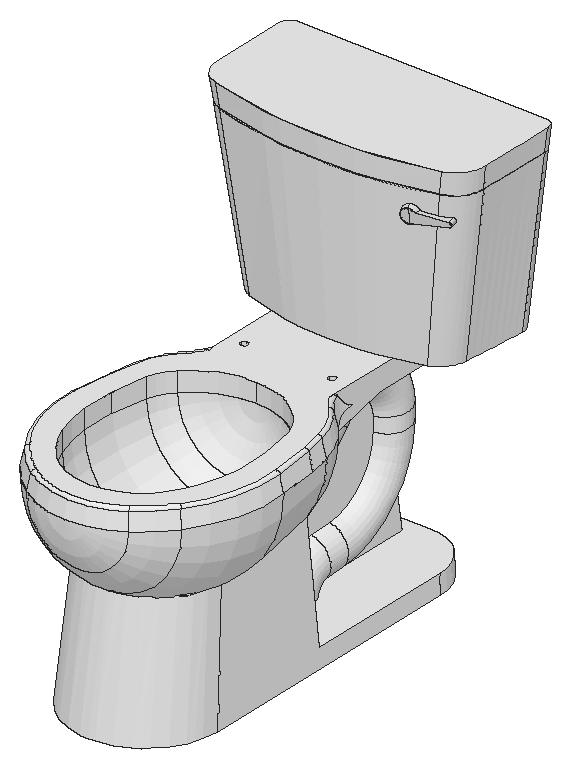
Revit family "Plumbing-Pressure-Assist-Water-Closet-Sloan-Valve-WETS-80098113_", category Plumbing Fixtures, host Face, Revit 2019
Family settings
  Host = Face
  Round Connector Dimension = Use Diameter
  Part Type = Normal
  OmniClass Number = 23.45.05.21.11.11
  OmniClass Title = Water Operated Water Closets
  Cut with Voids When Loaded = No
  Shared = No
  Room Calculation Point = No
Parameters (values of type "WETS-8009.8113")
  Width = 18 1/4"  # constant formula
  Water Closet Code = "2108009"
  Valve Pressure Drop = 0.00 psi
  Tank Code = "2108113"
  Sanitary Drain Connector Description = "Sanitary Drain Connector d2 1/8\""
  Sanitary Drain Connection Diameter = 2 1/8"  # constant formula
  Real Distance to Wall [instance] = if(Distance to Wall < 3/4", 3/4", Distance to Wall)  # 3/4"
  Waste Connection = yes
  WFU = 10
  Vent Connection = yes
  URL = "www.sloanvalve.com"
  Product data url = "https://bimobject.com/sloan_valve/product/pressure-assist-water-closets_sloan_wets-80098113"
  Product Material = Sloan Valve - Vitreous China - White
  Product Guid = ""
  Part Number = "WETS-8009.8113"
  Model = "WETS-8009.8113"
  Minimum Static Pressure = "20 PSI (138 kPa)"  # constant formula
  Maximum Static Pressure = "80 PSI (552 kPa)"  # constant formula
  Manufacturer = "Sloan Valve"  # constant formula
  Keynote = "15410"
  Height = 28 1/4"  # constant formula
  HWFU = 0
  HW Connection = yes
  Flush Rate = "1.6 gpf (6.0 Lpf)"
  Depth = 30 3/8"  # constant formula
  Cold Water Connector Description = "Cold Water Connector d1/2\""
  Cold Water Connection Diameter = 1/2"  # constant formula
  Edition number = 1
  Distance to Wall [instance] = 3/4"
  Description = "Floor-Mounted 1.6 gpf (6.0 Lpf) 12\" Rough-in Pressure-Assisted/Tank Toilet."
  Default Elevation = 0"
  CWFU = 10
  CW Connection = yes
  Assembly Code = "D2010"
  ADA Compliant [instance] = 1 = 2  # no
Reference planes
  plane 1 "Center (Front/Back)": y = 0
  plane 2: z = 0
  plane 3 "Center (Left/Right)": x = 0
  plane 4: x = -201.612
  plane 5: x = 201.613
  plane 6: y = -762.786
  plane 7: y = -19.05
  plane 8: x = -201.612
  plane 9: x = 201.613
  plane 10: y = -756.436
  plane 11: y = -12.7
Forms (mm)
  Blend 1, solid, material "Sloan Valve - Vitreous China - White" <- "Product Material"
    base sketch origin (0, 0, 0) x (1, 0, 0) y (0, 1, 0)
      loop
        arc (-34.925, -45.045) -> (-97.787, -71.084) -> (-123.825, -133.945) r 88.9
        line (-123.825, -133.945) -> (-123.825, -615.95)
        arc (-123.825, -615.95) -> (0, -739.775) -> (123.825, -615.95) r 123.825
        line (123.825, -615.95) -> (123.825, -133.945)
        arc (123.825, -133.945) -> (97.787, -71.084) -> (34.925, -45.045) r 88.9
        line (34.925, -45.045) -> (-34.925, -45.045)
    top sketch origin (0, 0, 0) x (1, 0, 0) y (0, 1, 0)
      loop
        arc (-109.537, -584.301) -> (0, -693.838) -> (109.537, -584.301) r 109.537
        line (109.537, -584.301) -> (109.537, -133.945)
        arc (109.537, -133.945) -> (83.499, -71.084) -> (20.637, -45.045) r 88.9
        line (20.637, -45.045) -> (-20.637, -45.045)
        arc (-20.637, -45.045) -> (-83.499, -71.084) -> (-109.537, -133.945) r 88.9
        line (-109.537, -133.945) -> (-109.537, -584.301)
    from 0 to 312.058
  Extrusion 2, solid, material "Sloan Valve - Vitreous China - White" <- "Product Material"
    sketch origin (0, 0, -25.4) x (0, 1, 0) y (0, 0, 1)
      loop
        line (-369.05, 348.14) -> (-241.882, 379.846) -> (-70.211, 379.846) -> (-64.931, 440.2) -> (-185.947, 440.2)
        arc (-185.947, 440.2) -> (-192.127, 425.28) -> (-207.047, 419.1) r 21.1
        line (-207.047, 419.1) -> (-369.05, 419.1) -> (-369.05, 348.14)
    from -104.047 to 104.047
  Sweep 3, solid, material "Sloan Valve - Vitreous China - White" <- "Product Material"
    path origin (0, 0, 0) x (0, 1, 0) y (0, 0, 1)
      loop
        line (-304.8, 0) -> (-304.8, 30.289)
        arc (-304.8, 30.289) -> (-293.174, 59.429) -> (-264.682, 72.564) r 42.333
        line (-264.682, 72.564) -> (-226.487, 74.566)
        arc (-226.487, 74.566) -> (-134.627, 116.914) -> (-97.145, 210.864) r 136.485
        line (-97.145, 210.864) -> (-97.145, 236.948)
        arc (-97.145, 236.948) -> (-144.28, 307.387) -> (-227.373, 290.682) r 76.2
        arc (-227.373, 290.682) -> (-233.15, 284.615) -> (-238.657, 278.301) r 192.236
        arc (-238.657, 278.301) -> (-334.604, 206.706) -> (-452.54, 186.145) r 257.901
    profile origin (0, -304.8, 15.145) x (0, -1, 0) y (1, 0, 0)
      loop
        circle (0, 0) r 38.1
  Extrusion 4, solid, material "Sloan Valve - Vitreous China - White" <- "Product Material"
    sketch origin (22.443, 0, 0) x (0, 1, 0) y (0, 0, 1)
      loop
        line (-68.2, 389.4) -> (-235.377, 389.4) -> (-261.569, 382.87) -> (-496.95, 175.082) -> (-484.132, 28.575) -> (-70.397, 28.575)
        arc (-70.397, 28.575) -> (-82.455, 126.803) -> (-68.088, 224.72) r 370.607
        arc (-68.088, 224.72) -> (-59.936, 265.377) -> (-58.507, 306.818) r 254
        arc (-58.507, 306.818) -> (-61.916, 348.278) -> (-68.2, 389.4) r 598.021
    from -28.793 to -16.093
  Extrusion 5, solid, not visible
    sketch origin (0, 0, 0) x (1, 0, 0) y (0, 0, 1)
      loop
        circle (-152.4, 254) r 6.35
    from 0 to 0.794
  Blend 6, solid, material "Sloan Valve - Vitreous China - White" <- "Product Material"
    base sketch origin (0, 0.822, 430.81) x (1, 0, 0) y (0, 1, 0)
      loop
        line (-196.16, -48.519) -> (-186.739, -156.202)
        arc (-186.739, -156.202) -> (-176.518, -182.59) -> (-153.766, -199.416) r 50.8
        arc (-153.766, -199.416) -> (0, -226.96) -> (153.766, -199.416) r 442.975
        arc (153.766, -199.416) -> (176.518, -182.59) -> (186.739, -156.202) r 50.8
        line (186.739, -156.202) -> (196.16, -48.519)
        arc (196.16, -48.519) -> (191.227, -33.989) -> (177.182, -27.809) r 19.05
        line (177.182, -27.809) -> (-177.182, -27.809)
        arc (-177.182, -27.809) -> (-191.227, -33.989) -> (-196.16, -48.519) r 19.05
    top sketch origin (0, 0.822, 430.81) x (1, 0, 0) y (0, 1, 0)
      loop
        arc (-212.725, -19.872) -> (-226.195, -25.451) -> (-231.775, -38.922) r 19.05
        line (-231.775, -38.922) -> (-231.775, -172.47)
        arc (-231.775, -172.47) -> (-221.507, -203.094) -> (-194.854, -221.338) r 50.8
        arc (-194.854, -221.338) -> (0, -248.472) -> (194.854, -221.338) r 713.209
        arc (194.854, -221.338) -> (221.507, -203.094) -> (231.775, -172.47) r 50.8
        line (231.775, -172.47) -> (231.775, -38.922)
        arc (231.775, -38.922) -> (226.195, -25.451) -> (212.725, -19.872) r 19.05
        line (212.725, -19.872) -> (-212.725, -19.872)
    from -37.11 to 286.74
  Revolve 7, solid, material "Sloan Valve - Vitreous China - White" <- "Product Material"
    sketch origin (0, -107.509, 360.363) x (1, 0, 0) y (0, 1, 0)
      loop
        line (0, -683.066) -> (0, -633.619)
        arc (0, -633.619) -> (-54.455, -620.155) -> (-96.361, -582.866) r 116.854
        arc (-96.361, -582.866) -> (-108.844, -562.27) -> (-118.928, -540.399) r 213.603
        arc (-118.928, -540.399) -> (-129.044, -507.813) -> (-134.203, -474.085) r 228.843
        arc (-134.203, -474.085) -> (-133.643, -413.542) -> (-122.68, -353.997) r 350.763
        arc (-122.68, -353.997) -> (-114.097, -332.991) -> (-100.788, -314.61) r 95.25
        arc (-100.788, -314.61) -> (-55.004, -282.028) -> (0, -270.524) r 137.251
        line (0, -270.524) -> (0, -209.239)
        arc (0, -209.239) -> (-18.194, -209.694) -> (-36.342, -211.057) r 364.157
        arc (-36.342, -211.057) -> (-122.715, -249.087) -> (-170.133, -330.684) r 152.4
        arc (-170.133, -330.684) -> (-180.229, -386.679) -> (-186.583, -443.221) r 855.912
        arc (-186.583, -443.221) -> (-178.018, -528.288) -> (-140.189, -604.962) r 240.102
        arc (-140.189, -604.962) -> (-116.352, -632.223) -> (-88.426, -655.277) r 223.457
        arc (-88.426, -655.277) -> (-46.345, -675.956) -> (0, -683.066) r 154.581
      axis (0, -209.239) -> (0, -683.066)
    angle from 0 to 180
  Extrusion 8, solid, material "Vitreous China-Sloan-White"
    sketch origin (0, -122.297, -1.685) x (1, 0, 0) y (0, 0, 1)
      loop
        arc (57.698, 221.011) -> (0.981, 212.195) -> (-56.307, 215.748) r 266.082
        line (-56.307, 215.748) -> (-39.243, 151.174)
        arc (-39.243, 151.174) -> (0, 120.954) -> (39.243, 151.174) r 40.59
        line (39.243, 151.174) -> (57.698, 221.011)
    from 346.299 to 429.496
  Blend 9, solid, material "Sloan Valve - Vitreous China - White" <- "Product Material"
    base sketch origin (0, -108.545, 375.1) x (1, 0, 0) y (0, 0, 1)
      loop
        line (25.325, -14.42) -> (-25.325, -14.42) -> (-25.325, -20.654)
        arc (-25.325, -20.654) -> (0, -45.979) -> (25.325, -20.654) r 25.325
        line (25.325, -20.654) -> (25.325, -14.42)
    top sketch origin (0, -108.545, 375.1) x (1, 0, 0) y (0, 0, 1)
      loop
        line (46.038, -14.42) -> (-46.037, -14.42) -> (-46.037, -23.887)
        arc (-46.037, -23.887) -> (0, -69.925) -> (46.038, -23.887) r 46.037
        line (46.038, -23.887) -> (46.038, -14.42)
    from 129.035 to 108.105
  Blend 10, solid, material "Sloan Valve - Vitreous China - White" <- "Product Material"
    base sketch origin (0, -108.545, 375.1) x (1, 0, 0) y (0, 0, 1)
      loop
        line (46.038, -14.42) -> (-46.037, -14.42) -> (-46.037, -23.887)
        arc (-46.037, -23.887) -> (0, -69.925) -> (46.038, -23.887) r 46.037
        line (46.038, -23.887) -> (46.038, -14.42)
    top sketch origin (0, -108.545, 375.1) x (1, 0, 0) y (0, 0, 1)
      loop
        line (46.038, -14.42) -> (-46.037, -14.42) -> (-46.037, -43.731)
        arc (-46.037, -43.731) -> (0, -89.769) -> (46.038, -43.731) r 46.038
        line (46.038, -43.731) -> (46.038, -14.42)
    from 108.105 to 38.1
  Sweep 11, solid, material "Sloan Valve - Vitreous China - White" <- "Product Material"
    path origin (0, -122.297, 0) x (0, 1, 0) y (0, 0, 1)
      loop
        arc (-352.549, 201.173) -> (-327.484, 201.16) -> (-302.744, 205.182) r 155.194
        arc (-302.744, 205.182) -> (-278.132, 217.142) -> (-260.549, 238.11) r 65.532
        arc (-260.549, 238.11) -> (-246.125, 268.805) -> (-234.718, 300.744) r 352.298
        arc (-234.718, 300.744) -> (-234.446, 301.431) -> (-234.066, 302.064) r 4.499
        arc (-234.066, 302.064) -> (-210.936, 321.963) -> (-181.277, 329.121) r 65.024
        line (-181.277, 329.121) -> (-115.283, 329.121)
    profile origin (0, -270.577, 329.121) x (0, 0, 1) y (1, 0, 0)
      loop
        line (25.325, -25.325) -> (25.325, 25.325)
        arc (25.325, 25.325) -> (0, 0) -> (25.325, -25.325) r 25.325
  Sweep 12, solid, material "Sloan Valve - Vitreous China - White" <- "Product Material"
    path origin (0, 0, 0) x (1, 0, 0) y (0, 1, 0)
      loop
        line (-104.047, -185.947) -> (-104.047, -295.646)
        arc (-104.047, -295.646) -> (-111.251, -333.222) -> (-131.841, -365.47) r 101.6
        arc (-131.841, -365.47) -> (-155.982, -399.201) -> (-170.133, -438.192) r 152.4
        arc (-170.133, -438.192) -> (-174.125, -457.895) -> (-177.652, -477.686) r 855.912
        arc (-177.652, -477.686) -> (-182.903, -514.112) -> (-186.583, -550.729) r 855.912
        arc (-186.583, -550.729) -> (-178.018, -635.797) -> (-140.189, -712.47) r 240.102
        arc (-140.189, -712.47) -> (-116.352, -739.732) -> (-88.426, -762.786) r 223.457
        arc (-88.426, -762.786) -> (0, -790.575) -> (88.426, -762.786) r 154.581
        arc (88.426, -762.786) -> (116.352, -739.732) -> (140.189, -712.47) r 223.457
        arc (140.189, -712.47) -> (178.018, -635.797) -> (186.583, -550.729) r 240.102
        arc (186.583, -550.729) -> (182.903, -514.112) -> (177.652, -477.686) r 855.912
        arc (177.652, -477.686) -> (174.125, -457.895) -> (170.133, -438.192) r 855.912
        arc (170.133, -438.192) -> (155.982, -399.201) -> (131.841, -365.47) r 152.4
        arc (131.841, -365.47) -> (111.251, -333.222) -> (104.047, -295.646) r 101.6
        line (104.047, -295.646) -> (104.047, -185.947)
    profile origin (0, -790.575, 0) x (0, 1, 0) y (0, 0, 1)
      loop
        line (0, 360.362) -> (18.191, 360.362) -> (18.191, 393.7) -> (12.748, 393.7)
        arc (12.748, 393.7) -> (8.795, 392.32) -> (6.56, 388.778) r 6.35
        line (6.56, 388.778) -> (0, 360.362)
  Extrusion 13, void
    sketch origin (0, 0, 0) x (1, 0, 0) y (0, 1, 0)
      loop
        arc (118.928, -647.907) -> (129.044, -615.321) -> (134.203, -581.593) r 228.843
        arc (134.203, -581.593) -> (135.243, -552.98) -> (133.946, -524.377) r 350.763
        arc (133.946, -524.377) -> (129.747, -492.684) -> (122.68, -461.506) r 350.763
        arc (122.68, -461.506) -> (114.097, -440.499) -> (100.788, -422.119) r 95.25
        arc (100.788, -422.119) -> (55.004, -389.536) -> (0, -378.032) r 137.251
        arc (0, -378.032) -> (-55.004, -389.536) -> (-100.788, -422.119) r 137.251
        arc (-100.788, -422.119) -> (-114.097, -440.499) -> (-122.68, -461.506) r 95.25
        arc (-122.68, -461.506) -> (-129.747, -492.684) -> (-133.946, -524.377) r 350.763
        arc (-133.946, -524.377) -> (-135.243, -552.98) -> (-134.203, -581.593) r 350.763
        arc (-134.203, -581.593) -> (-129.044, -615.321) -> (-118.928, -647.907) r 228.843
        arc (-118.928, -647.907) -> (-108.844, -669.778) -> (-96.361, -690.375) r 213.603
        arc (-96.361, -690.375) -> (-54.455, -727.664) -> (0, -741.127) r 116.854
        arc (0, -741.127) -> (54.455, -727.664) -> (96.361, -690.375) r 116.854
        arc (96.361, -690.375) -> (108.844, -669.778) -> (118.928, -647.907) r 213.603
    from 360.362 to 393.7
  Extrusion 14, solid, material "Sloan Valve - Vitreous China - White" <- "Product Material"
    sketch origin (0, 0, 0) x (1, 0, 0) y (0, 1, 0)
      loop
        arc (-168.448, -552.159) -> (-160.532, -630.781) -> (-125.569, -701.646) r 221.912
        arc (-125.569, -701.646) -> (-103.673, -726.688) -> (-78.02, -747.865) r 205.266
        arc (-78.02, -747.865) -> (0, -772.384) -> (78.02, -747.865) r 136.39
        arc (78.02, -747.865) -> (103.673, -726.688) -> (125.569, -701.646) r 205.266
        arc (125.569, -701.646) -> (160.532, -630.781) -> (168.448, -552.159) r 221.912
        arc (168.448, -552.159) -> (164.847, -516.319) -> (159.708, -480.668) r 837.721
        arc (159.708, -480.668) -> (156.255, -461.297) -> (152.348, -442.013) r 837.721
        arc (152.348, -442.013) -> (139.886, -407.676) -> (118.627, -377.971) r 134.209
        arc (118.627, -377.971) -> (110.867, -368.903) -> (104.047, -359.107) r 119.791
        line (104.047, -359.107) -> (104.047, -369.05) -> (-104.047, -369.05) -> (-104.047, -359.107)
        arc (-104.047, -359.107) -> (-110.867, -368.903) -> (-118.627, -377.971) r 119.791
        arc (-118.627, -377.971) -> (-139.886, -407.676) -> (-152.348, -442.013) r 134.209
        arc (-152.348, -442.013) -> (-156.255, -461.297) -> (-159.708, -480.668) r 837.721
        arc (-159.708, -480.668) -> (-164.847, -516.319) -> (-168.448, -552.159) r 837.721
    from 360.362 to 393.7
  Extrusion 15, void
    sketch origin (0, 0, 0) x (0, 1, 0) y (0, 0, 1)
      loop
        line (-419.1, 368.114) -> (-395.566, 31.564) -> (-10.202, 31.564) -> (-10.202, 368.114) -> (-419.1, 368.114)
    from -219.74 to 304.8
  Revolve 16, void
    sketch origin (0, -107.509, 360.363) x (1, 0, 0) y (0, 1, 0)
      loop
        line (0, -639.969) -> (0, -264.174)
        arc (0, -264.174) -> (-57.549, -276.21) -> (-105.451, -310.3) r 143.601
        arc (-105.451, -310.3) -> (-119.647, -329.906) -> (-128.802, -352.313) r 101.6
        arc (-128.802, -352.313) -> (-139.964, -412.935) -> (-140.534, -474.574) r 357.113
        arc (-140.534, -474.574) -> (-135.232, -509.238) -> (-124.835, -542.728) r 235.193
        arc (-124.835, -542.728) -> (-114.451, -565.249) -> (-101.598, -586.458) r 219.953
        arc (-101.598, -586.458) -> (-57.414, -625.773) -> (0, -639.969) r 123.204
      axis (0, -264.174) -> (0, -639.969)
    angle from 0 to 180
  Extrusion 17, void
    sketch origin (0, 0, 0) x (1, 0, 0) y (0, 1, 0)
      loop
        arc (-212.725, -19.05) -> (-226.195, -24.63) -> (-231.775, -38.1) r 19.05
        line (-231.775, -38.1) -> (-231.775, -171.649)
        arc (-231.775, -171.649) -> (-221.507, -202.272) -> (-194.854, -220.516) r 50.8
        arc (-194.854, -220.516) -> (0, -247.65) -> (194.854, -220.516) r 713.209
        arc (194.854, -220.516) -> (221.507, -202.272) -> (231.775, -171.649) r 50.8
        line (231.775, -171.649) -> (231.775, -38.1)
        arc (231.775, -38.1) -> (226.195, -24.63) -> (212.725, -19.05) r 19.05
        line (212.725, -19.05) -> (-212.725, -19.05)
      loop
        line (-225.425, -38.1) -> (-225.425, -171.649)
        arc (-225.425, -171.649) -> (-216.441, -198.444) -> (-193.119, -214.408) r 44.45
        arc (-193.119, -214.408) -> (0, -241.3) -> (193.119, -214.408) r 706.859
        arc (193.119, -214.408) -> (216.441, -198.444) -> (225.425, -171.649) r 44.45
        line (225.425, -171.649) -> (225.425, -38.1)
        arc (225.425, -38.1) -> (221.705, -29.12) -> (212.725, -25.4) r 12.7
        line (212.725, -25.4) -> (-212.725, -25.4)
        arc (-212.725, -25.4) -> (-221.705, -29.12) -> (-225.425, -38.1) r 12.7
    from 678.093 to 679.681
  Extrusion 18, void
    sketch origin (0, 0, 0) x (1, 0, 0) y (0, 1, 0)
      loop
        circle (-76.2, -307.975) r 6.35
      loop
        circle (76.2, -307.975) r 6.35
    from 341.312 to 499.954
  Blend 19, solid, material "Sloan Valve - Vitreous China - White" <- "Product Material", not visible
    base sketch origin (0, 6.35, 0) x (1, 0, 0) y (0, 1, 0)
      loop
        arc (-34.925, -45.045) -> (-97.787, -71.084) -> (-123.825, -133.945) r 88.9
        line (-123.825, -133.945) -> (-123.825, -615.95)
        arc (-123.825, -615.95) -> (0, -739.775) -> (123.825, -615.95) r 123.825
        line (123.825, -615.95) -> (123.825, -133.945)
        arc (123.825, -133.945) -> (97.787, -71.084) -> (34.925, -45.045) r 88.9
        line (34.925, -45.045) -> (-34.925, -45.045)
    top sketch origin (0, 6.35, 0) x (1, 0, 0) y (0, 1, 0)
      loop
        arc (-109.537, -584.301) -> (0, -693.838) -> (109.537, -584.301) r 109.537
        line (109.537, -584.301) -> (109.537, -133.945)
        arc (109.537, -133.945) -> (83.499, -71.084) -> (20.637, -45.045) r 88.9
        line (20.637, -45.045) -> (-20.637, -45.045)
        arc (-20.637, -45.045) -> (-83.499, -71.084) -> (-109.537, -133.945) r 88.9
        line (-109.537, -133.945) -> (-109.537, -584.301)
    from 0 to 312.058
  Extrusion 20, solid, material "Sloan Valve - Vitreous China - White" <- "Product Material", not visible
    sketch origin (0, 6.35, -25.4) x (0, 1, 0) y (0, 0, 1)
      loop
        line (-369.05, 348.14) -> (-241.882, 379.846) -> (-70.211, 379.846) -> (-64.931, 440.2) -> (-185.947, 440.2)
        arc (-185.947, 440.2) -> (-192.127, 425.28) -> (-207.047, 419.1) r 21.1
        line (-207.047, 419.1) -> (-369.05, 419.1) -> (-369.05, 348.14)
    from -104.047 to 104.047
  Sweep 21, solid, material "Sloan Valve - Vitreous China - White" <- "Product Material", not visible
    path origin (0, 6.35, 0) x (0, 1, 0) y (0, 0, 1)
      loop
        line (-304.8, 0) -> (-304.8, 30.289)
        arc (-304.8, 30.289) -> (-293.174, 59.429) -> (-264.682, 72.564) r 42.333
        line (-264.682, 72.564) -> (-226.487, 74.566)
        arc (-226.487, 74.566) -> (-134.627, 116.914) -> (-97.145, 210.864) r 136.485
        line (-97.145, 210.864) -> (-97.145, 236.948)
        arc (-97.145, 236.948) -> (-144.28, 307.387) -> (-227.373, 290.682) r 76.2
        arc (-227.373, 290.682) -> (-233.15, 284.615) -> (-238.657, 278.301) r 192.236
        arc (-238.657, 278.301) -> (-334.604, 206.706) -> (-452.54, 186.145) r 257.901
    profile origin (0, -298.45, 15.145) x (0, -1, 0) y (1, 0, 0)
      loop
        circle (0, 0) r 38.1
  Extrusion 22, solid, material "Sloan Valve - Vitreous China - White" <- "Product Material", not visible
    sketch origin (22.443, 6.35, 0) x (0, 1, 0) y (0, 0, 1)
      loop
        line (-68.2, 389.4) -> (-235.377, 389.4) -> (-261.569, 382.87) -> (-496.95, 175.082) -> (-484.132, 28.575) -> (-70.397, 28.575)
        arc (-70.397, 28.575) -> (-82.455, 126.803) -> (-68.088, 224.72) r 370.607
        arc (-68.088, 224.72) -> (-59.936, 265.377) -> (-58.507, 306.818) r 254
        arc (-58.507, 306.818) -> (-61.916, 348.278) -> (-68.2, 389.4) r 598.021
    from -28.793 to -16.093
  Blend 23, solid, material "Sloan Valve - Vitreous China - White" <- "Product Material", not visible
    base sketch origin (0, 7.172, 430.81) x (1, 0, 0) y (0, 1, 0)
      loop
        line (-196.16, -48.519) -> (-186.739, -156.202)
        arc (-186.739, -156.202) -> (-176.518, -182.59) -> (-153.766, -199.416) r 50.8
        arc (-153.766, -199.416) -> (0, -226.96) -> (153.766, -199.416) r 442.975
        arc (153.766, -199.416) -> (176.518, -182.59) -> (186.739, -156.202) r 50.8
        line (186.739, -156.202) -> (196.16, -48.519)
        arc (196.16, -48.519) -> (191.227, -33.989) -> (177.182, -27.809) r 19.05
        line (177.182, -27.809) -> (-177.182, -27.809)
        arc (-177.182, -27.809) -> (-191.227, -33.989) -> (-196.16, -48.519) r 19.05
    top sketch origin (0, 7.172, 430.81) x (1, 0, 0) y (0, 1, 0)
      loop
        arc (-212.725, -19.872) -> (-226.195, -25.451) -> (-231.775, -38.922) r 19.05
        line (-231.775, -38.922) -> (-231.775, -172.47)
        arc (-231.775, -172.47) -> (-221.507, -203.094) -> (-194.854, -221.338) r 50.8
        arc (-194.854, -221.338) -> (0, -248.472) -> (194.854, -221.338) r 713.209
        arc (194.854, -221.338) -> (221.507, -203.094) -> (231.775, -172.47) r 50.8
        line (231.775, -172.47) -> (231.775, -38.922)
        arc (231.775, -38.922) -> (226.195, -25.451) -> (212.725, -19.872) r 19.05
        line (212.725, -19.872) -> (-212.725, -19.872)
    from -37.11 to 286.74
  Revolve 24, solid, material "Sloan Valve - Vitreous China - White" <- "Product Material", not visible
    sketch origin (0, -101.159, 360.363) x (1, 0, 0) y (0, 1, 0)
      loop
        line (0, -683.066) -> (0, -633.619)
        arc (0, -633.619) -> (-54.455, -620.155) -> (-96.361, -582.866) r 116.854
        arc (-96.361, -582.866) -> (-108.844, -562.27) -> (-118.928, -540.399) r 213.603
        arc (-118.928, -540.399) -> (-129.044, -507.813) -> (-134.203, -474.085) r 228.843
        arc (-134.203, -474.085) -> (-133.643, -413.542) -> (-122.68, -353.997) r 350.763
        arc (-122.68, -353.997) -> (-114.097, -332.991) -> (-100.788, -314.61) r 95.25
        arc (-100.788, -314.61) -> (-55.004, -282.028) -> (0, -270.524) r 137.251
        line (0, -270.524) -> (0, -209.239)
        arc (0, -209.239) -> (-18.194, -209.694) -> (-36.342, -211.057) r 364.157
        arc (-36.342, -211.057) -> (-122.715, -249.087) -> (-170.133, -330.684) r 152.4
        arc (-170.133, -330.684) -> (-180.229, -386.679) -> (-186.583, -443.221) r 855.912
        arc (-186.583, -443.221) -> (-178.018, -528.288) -> (-140.189, -604.962) r 240.102
        arc (-140.189, -604.962) -> (-116.352, -632.223) -> (-88.426, -655.277) r 223.457
        arc (-88.426, -655.277) -> (-46.345, -675.956) -> (0, -683.066) r 154.581
      axis (0, -209.239) -> (0, -683.066)
    angle from 0 to 180
  Extrusion 25, solid, material "Vitreous China-Sloan-White", not visible
    sketch origin (0, -115.947, -1.685) x (1, 0, 0) y (0, 0, 1)
      loop
        arc (57.698, 221.011) -> (0.981, 212.195) -> (-56.307, 215.748) r 266.082
        line (-56.307, 215.748) -> (-39.243, 151.174)
        arc (-39.243, 151.174) -> (0, 120.954) -> (39.243, 151.174) r 40.59
        line (39.243, 151.174) -> (57.698, 221.011)
    from 346.299 to 429.496
  Blend 26, solid, material "Sloan Valve - Vitreous China - White" <- "Product Material", not visible
    base sketch origin (0, -102.195, 375.1) x (1, 0, 0) y (0, 0, 1)
      loop
        line (25.325, -14.42) -> (-25.325, -14.42) -> (-25.325, -20.654)
        arc (-25.325, -20.654) -> (0, -45.979) -> (25.325, -20.654) r 25.325
        line (25.325, -20.654) -> (25.325, -14.42)
    top sketch origin (0, -102.195, 375.1) x (1, 0, 0) y (0, 0, 1)
      loop
        line (46.038, -14.42) -> (-46.037, -14.42) -> (-46.037, -23.887)
        arc (-46.037, -23.887) -> (0, -69.925) -> (46.038, -23.887) r 46.037
        line (46.038, -23.887) -> (46.038, -14.42)
    from 129.035 to 108.105
  Blend 27, solid, material "Sloan Valve - Vitreous China - White" <- "Product Material", not visible
    base sketch origin (0, -102.195, 375.1) x (1, 0, 0) y (0, 0, 1)
      loop
        line (46.038, -14.42) -> (-46.037, -14.42) -> (-46.037, -23.887)
        arc (-46.037, -23.887) -> (0, -69.925) -> (46.038, -23.887) r 46.037
        line (46.038, -23.887) -> (46.038, -14.42)
    top sketch origin (0, -102.195, 375.1) x (1, 0, 0) y (0, 0, 1)
      loop
        line (46.038, -14.42) -> (-46.037, -14.42) -> (-46.037, -43.731)
        arc (-46.037, -43.731) -> (0, -89.769) -> (46.038, -43.731) r 46.038
        line (46.038, -43.731) -> (46.038, -14.42)
    from 108.105 to 38.1
  Sweep 28, solid, material "Sloan Valve - Vitreous China - White" <- "Product Material", not visible
    path origin (0, -115.947, 0) x (0, 1, 0) y (0, 0, 1)
      loop
        arc (-352.549, 201.173) -> (-327.484, 201.16) -> (-302.744, 205.182) r 155.194
        arc (-302.744, 205.182) -> (-278.132, 217.142) -> (-260.549, 238.11) r 65.532
        arc (-260.549, 238.11) -> (-246.125, 268.805) -> (-234.718, 300.744) r 352.298
        arc (-234.718, 300.744) -> (-234.446, 301.431) -> (-234.066, 302.064) r 4.499
        arc (-234.066, 302.064) -> (-210.936, 321.963) -> (-181.277, 329.121) r 65.024
        line (-181.277, 329.121) -> (-115.283, 329.121)
    profile origin (0, -264.227, 329.121) x (0, 0, 1) y (1, 0, 0)
      loop
        line (25.325, -25.325) -> (25.325, 25.325)
        arc (25.325, 25.325) -> (0, 0) -> (25.325, -25.325) r 25.325
  Sweep 29, solid, material "Sloan Valve - Vitreous China - White" <- "Product Material", not visible
    path origin (0, 6.35, 0) x (1, 0, 0) y (0, 1, 0)
      loop
        line (-104.047, -185.947) -> (-104.047, -295.646)
        arc (-104.047, -295.646) -> (-111.251, -333.222) -> (-131.841, -365.47) r 101.6
        arc (-131.841, -365.47) -> (-155.982, -399.201) -> (-170.133, -438.192) r 152.4
        arc (-170.133, -438.192) -> (-174.125, -457.895) -> (-177.652, -477.686) r 855.912
        arc (-177.652, -477.686) -> (-182.903, -514.112) -> (-186.583, -550.729) r 855.912
        arc (-186.583, -550.729) -> (-178.018, -635.797) -> (-140.189, -712.47) r 240.102
        arc (-140.189, -712.47) -> (-116.352, -739.732) -> (-88.426, -762.786) r 223.457
        arc (-88.426, -762.786) -> (0, -790.575) -> (88.426, -762.786) r 154.581
        arc (88.426, -762.786) -> (116.352, -739.732) -> (140.189, -712.47) r 223.457
        arc (140.189, -712.47) -> (178.018, -635.797) -> (186.583, -550.729) r 240.102
        arc (186.583, -550.729) -> (182.903, -514.112) -> (177.652, -477.686) r 855.912
        arc (177.652, -477.686) -> (174.125, -457.895) -> (170.133, -438.192) r 855.912
        arc (170.133, -438.192) -> (155.982, -399.201) -> (131.841, -365.47) r 152.4
        arc (131.841, -365.47) -> (111.251, -333.222) -> (104.047, -295.646) r 101.6
        line (104.047, -295.646) -> (104.047, -185.947)
    profile origin (0, -784.225, 0) x (0, 1, 0) y (0, 0, 1)
      loop
        line (0, 360.362) -> (18.191, 360.362) -> (18.191, 393.7) -> (12.748, 393.7)
        arc (12.748, 393.7) -> (8.795, 392.32) -> (6.56, 388.778) r 6.35
        line (6.56, 388.778) -> (0, 360.362)
  Extrusion 30, void, not visible
    sketch origin (0, 6.35, 0) x (1, 0, 0) y (0, 1, 0)
      loop
        arc (118.928, -647.907) -> (129.044, -615.321) -> (134.203, -581.593) r 228.843
        arc (134.203, -581.593) -> (135.243, -552.98) -> (133.946, -524.377) r 350.763
        arc (133.946, -524.377) -> (129.747, -492.684) -> (122.68, -461.506) r 350.763
        arc (122.68, -461.506) -> (114.097, -440.499) -> (100.788, -422.119) r 95.25
        arc (100.788, -422.119) -> (55.004, -389.536) -> (0, -378.032) r 137.251
        arc (0, -378.032) -> (-55.004, -389.536) -> (-100.788, -422.119) r 137.251
        arc (-100.788, -422.119) -> (-114.097, -440.499) -> (-122.68, -461.506) r 95.25
        arc (-122.68, -461.506) -> (-129.747, -492.684) -> (-133.946, -524.377) r 350.763
        arc (-133.946, -524.377) -> (-135.243, -552.98) -> (-134.203, -581.593) r 350.763
        arc (-134.203, -581.593) -> (-129.044, -615.321) -> (-118.928, -647.907) r 228.843
        arc (-118.928, -647.907) -> (-108.844, -669.778) -> (-96.361, -690.375) r 213.603
        arc (-96.361, -690.375) -> (-54.455, -727.664) -> (0, -741.127) r 116.854
        arc (0, -741.127) -> (54.455, -727.664) -> (96.361, -690.375) r 116.854
        arc (96.361, -690.375) -> (108.844, -669.778) -> (118.928, -647.907) r 213.603
    from 360.362 to 393.7
  Extrusion 31, solid, material "Sloan Valve - Vitreous China - White" <- "Product Material", not visible
    sketch origin (0, 6.35, 0) x (1, 0, 0) y (0, 1, 0)
      loop
        arc (-168.448, -552.159) -> (-160.532, -630.781) -> (-125.569, -701.646) r 221.912
        arc (-125.569, -701.646) -> (-103.673, -726.688) -> (-78.02, -747.865) r 205.266
        arc (-78.02, -747.865) -> (0, -772.384) -> (78.02, -747.865) r 136.39
        arc (78.02, -747.865) -> (103.673, -726.688) -> (125.569, -701.646) r 205.266
        arc (125.569, -701.646) -> (160.532, -630.781) -> (168.448, -552.159) r 221.912
        arc (168.448, -552.159) -> (164.847, -516.319) -> (159.708, -480.668) r 837.721
        arc (159.708, -480.668) -> (156.255, -461.297) -> (152.348, -442.013) r 837.721
        arc (152.348, -442.013) -> (139.886, -407.676) -> (118.627, -377.971) r 134.209
        arc (118.627, -377.971) -> (110.867, -368.903) -> (104.047, -359.107) r 119.791
        line (104.047, -359.107) -> (104.047, -369.05) -> (-104.047, -369.05) -> (-104.047, -359.107)
        arc (-104.047, -359.107) -> (-110.867, -368.903) -> (-118.627, -377.971) r 119.791
        arc (-118.627, -377.971) -> (-139.886, -407.676) -> (-152.348, -442.013) r 134.209
        arc (-152.348, -442.013) -> (-156.255, -461.297) -> (-159.708, -480.668) r 837.721
        arc (-159.708, -480.668) -> (-164.847, -516.319) -> (-168.448, -552.159) r 837.721
    from 360.362 to 393.7
  Extrusion 32, void, not visible
    sketch origin (0, 6.35, 0) x (0, 1, 0) y (0, 0, 1)
      loop
        line (-419.1, 368.114) -> (-395.566, 31.564) -> (-10.202, 31.564) -> (-10.202, 368.114) -> (-419.1, 368.114)
    from -219.74 to 304.8
  Revolve 33, void, not visible
    sketch origin (0, -101.159, 360.363) x (1, 0, 0) y (0, 1, 0)
      loop
        line (0, -639.969) -> (0, -264.174)
        arc (0, -264.174) -> (-57.549, -276.21) -> (-105.451, -310.3) r 143.601
        arc (-105.451, -310.3) -> (-119.647, -329.906) -> (-128.802, -352.313) r 101.6
        arc (-128.802, -352.313) -> (-139.964, -412.935) -> (-140.534, -474.574) r 357.113
        arc (-140.534, -474.574) -> (-135.232, -509.238) -> (-124.835, -542.728) r 235.193
        arc (-124.835, -542.728) -> (-114.451, -565.249) -> (-101.598, -586.458) r 219.953
        arc (-101.598, -586.458) -> (-57.414, -625.773) -> (0, -639.969) r 123.204
      axis (0, -264.174) -> (0, -639.969)
    angle from 0 to 180
  Extrusion 34, void, not visible
    sketch origin (0, 6.35, 0) x (1, 0, 0) y (0, 1, 0)
      loop
        arc (-212.725, -19.05) -> (-226.195, -24.63) -> (-231.775, -38.1) r 19.05
        line (-231.775, -38.1) -> (-231.775, -171.649)
        arc (-231.775, -171.649) -> (-221.507, -202.272) -> (-194.854, -220.516) r 50.8
        arc (-194.854, -220.516) -> (0, -247.65) -> (194.854, -220.516) r 713.209
        arc (194.854, -220.516) -> (221.507, -202.272) -> (231.775, -171.649) r 50.8
        line (231.775, -171.649) -> (231.775, -38.1)
        arc (231.775, -38.1) -> (226.195, -24.63) -> (212.725, -19.05) r 19.05
        line (212.725, -19.05) -> (-212.725, -19.05)
      loop
        line (-225.425, -38.1) -> (-225.425, -171.649)
        arc (-225.425, -171.649) -> (-216.441, -198.444) -> (-193.119, -214.408) r 44.45
        arc (-193.119, -214.408) -> (0, -241.3) -> (193.119, -214.408) r 706.859
        arc (193.119, -214.408) -> (216.441, -198.444) -> (225.425, -171.649) r 44.45
        line (225.425, -171.649) -> (225.425, -38.1)
        arc (225.425, -38.1) -> (221.705, -29.12) -> (212.725, -25.4) r 12.7
        line (212.725, -25.4) -> (-212.725, -25.4)
        arc (-212.725, -25.4) -> (-221.705, -29.12) -> (-225.425, -38.1) r 12.7
    from 678.093 to 679.681
  Extrusion 35, void, not visible
    sketch origin (0, 6.35, 0) x (1, 0, 0) y (0, 1, 0)
      loop
        circle (-76.2, -307.975) r 6.35
      loop
        circle (76.2, -307.975) r 6.35
    from 341.312 to 499.954
  Extrusion 36, solid, material "Sloan Valve - Finish - Polished Chrome"
    sketch origin (20.292, -269.587, 900.595) x (0.97881, 0.203994, 0.017847) y (0, -0.087156, 0.996195)
      loop
        line (127, -257.261) -> (127, -277.149) -> (188.955, -269.542)
        arc (188.955, -269.542) -> (192.467, -265.466) -> (188.747, -261.579) r 4.001
        line (188.747, -261.579) -> (127, -257.261)
    from 0 to 12.7
  Revolve 37, solid, material "Sloan Valve - Finish - Polished Chrome"
    sketch origin (369.854, -1316.287, 809.02) x (0.204773, -0.975085, -0.085309) y (0, -0.087156, 0.996195)
      loop
        line (-1100.014, -265.639) -> (-1100.014, -282.465) -> (-1087.756, -278.482) -> (-1087.314, -277.803) -> (-1087.314, -265.639) -> (-1100.014, -265.639)
      axis (-1100.014, -265.639) -> (-1087.314, -265.639)
    angle from 0 to 360
  Extrusion 38, solid, material "Sloan Valve - Finish - Polished Chrome", not visible
    sketch origin (20.292, -263.237, 900.595) x (0.97881, 0.203994, 0.017847) y (0, -0.087156, 0.996195)
      loop
        line (127, -257.261) -> (127, -277.149) -> (188.955, -269.542)
        arc (188.955, -269.542) -> (192.467, -265.466) -> (188.747, -261.579) r 4.001
        line (188.747, -261.579) -> (127, -257.261)
    from 0 to 12.7
  Revolve 39, solid, material "Sloan Valve - Finish - Polished Chrome", not visible
    sketch origin (369.854, -1309.937, 809.02) x (0.204773, -0.975085, -0.085309) y (0, -0.087156, 0.996195)
      loop
        line (-1100.014, -265.639) -> (-1100.014, -282.465) -> (-1087.756, -278.482) -> (-1087.314, -277.803) -> (-1087.314, -265.639) -> (-1100.014, -265.639)
      axis (-1100.014, -265.639) -> (-1087.314, -265.639)
    angle from 0 to 360
Cuts and joins
  Extrusion 15, Revolve 16 cuts Blend 1
  Extrusion 18 cuts Extrusion 2
  Extrusion 13 cuts Extrusion 14
  joined: Extrusion 2, Sweep 12, Extrusion 14
  Extrusion 17 cuts Blend 6
  joined: Extrusion 36, Revolve 37
Lines and regions (mm)
  Masking region 1
    outline origin (0, 0, 0) x (1, 0, 0) y (0, 1, 0)
      loop
        line (212.725, -19.05) -> (-212.725, -19.05)
        arc (-212.725, -19.05) -> (-226.195, -24.63) -> (-231.775, -38.1) r 19.05
        line (-231.775, -38.1) -> (-231.775, -171.649)
        arc (-231.775, -171.649) -> (-221.507, -202.272) -> (-194.854, -220.516) r 50.8
        arc (-194.854, -220.516) -> (-159.548, -229.575) -> (-123.825, -236.819) r 713.209
        line (-123.825, -236.819) -> (-123.825, -355.877)
        arc (-123.825, -355.877) -> (-127.686, -360.797) -> (-131.841, -365.47) r 101.6
        arc (-131.841, -365.47) -> (-155.982, -399.201) -> (-170.133, -438.192) r 152.4
        arc (-170.133, -438.192) -> (-174.125, -457.895) -> (-177.652, -477.686) r 855.912
        arc (-177.652, -477.686) -> (-182.903, -514.112) -> (-186.583, -550.729) r 855.912
        arc (-186.583, -550.729) -> (-178.018, -635.797) -> (-140.189, -712.47) r 240.102
        arc (-140.189, -712.47) -> (-116.352, -739.732) -> (-88.426, -762.786) r 223.457
        arc (-88.426, -762.786) -> (0, -790.575) -> (88.426, -762.786) r 154.581
        arc (88.426, -762.786) -> (116.352, -739.732) -> (140.189, -712.47) r 223.457
        arc (140.189, -712.47) -> (178.018, -635.797) -> (186.583, -550.729) r 240.102
        arc (186.583, -550.729) -> (182.903, -514.112) -> (177.652, -477.686) r 855.912
        arc (177.652, -477.686) -> (174.125, -457.895) -> (170.133, -438.192) r 855.912
        arc (170.133, -438.192) -> (155.982, -399.201) -> (131.841, -365.47) r 152.4
        arc (131.841, -365.47) -> (127.686, -360.797) -> (123.825, -355.877) r 101.6
        line (123.825, -355.877) -> (123.825, -236.819)
        arc (123.825, -236.819) -> (159.548, -229.575) -> (194.854, -220.516) r 713.209
        arc (194.854, -220.516) -> (221.507, -202.272) -> (231.775, -171.649) r 50.8
        line (231.775, -171.649) -> (231.775, -38.1)
        arc (231.775, -38.1) -> (226.195, -24.63) -> (212.725, -19.05) r 19.05
  Masking region 2, not visible
    outline origin (0, -2124.178, 0) x (1, 0, 0) y (0, 1, 0)
      loop
        line (212.725, -19.05) -> (-212.725, -19.05)
        arc (-212.725, -19.05) -> (-226.195, -24.63) -> (-231.775, -38.1) r 19.05
        line (-231.775, -38.1) -> (-231.775, -171.649)
        arc (-231.775, -171.649) -> (-221.507, -202.272) -> (-194.854, -220.516) r 50.8
        arc (-194.854, -220.516) -> (-159.548, -229.575) -> (-123.825, -236.819) r 713.209
        line (-123.825, -236.819) -> (-123.825, -355.877)
        arc (-123.825, -355.877) -> (-127.686, -360.797) -> (-131.841, -365.47) r 101.6
        arc (-131.841, -365.47) -> (-155.982, -399.201) -> (-170.133, -438.192) r 152.4
        arc (-170.133, -438.192) -> (-174.125, -457.895) -> (-177.652, -477.686) r 855.912
        arc (-177.652, -477.686) -> (-182.903, -514.112) -> (-186.583, -550.729) r 855.912
        arc (-186.583, -550.729) -> (-178.018, -635.797) -> (-140.189, -712.47) r 240.102
        arc (-140.189, -712.47) -> (-116.352, -739.732) -> (-88.426, -762.786) r 223.457
        arc (-88.426, -762.786) -> (0, -790.575) -> (88.426, -762.786) r 154.581
        arc (88.426, -762.786) -> (116.352, -739.732) -> (140.189, -712.47) r 223.457
        arc (140.189, -712.47) -> (178.018, -635.797) -> (186.583, -550.729) r 240.102
        arc (186.583, -550.729) -> (182.903, -514.112) -> (177.652, -477.686) r 855.912
        arc (177.652, -477.686) -> (174.125, -457.895) -> (170.133, -438.192) r 855.912
        arc (170.133, -438.192) -> (155.982, -399.201) -> (131.841, -365.47) r 152.4
        arc (131.841, -365.47) -> (127.686, -360.797) -> (123.825, -355.877) r 101.6
        line (123.825, -355.877) -> (123.825, -236.819)
        arc (123.825, -236.819) -> (159.548, -229.575) -> (194.854, -220.516) r 713.209
        arc (194.854, -220.516) -> (221.507, -202.272) -> (231.775, -171.649) r 50.8
        line (231.775, -171.649) -> (231.775, -38.1)
        arc (231.775, -38.1) -> (226.195, -24.63) -> (212.725, -19.05) r 19.05
  symbolic lines, detail levels medium+fine
    curve 1: arc (-123.825, -236.819, 0) -> (0, -247.65, 0) -> (123.825, -236.819, 0) r 713.209
  symbolic lines, detail levels fine
    curve 2: arc (-100.788, -422.119, 0) -> (-55.004, -389.536, 0) -> (0, -378.032, 0) r 137.251
    curve 3: arc (0, -378.032, 0) -> (55.004, -389.536, 0) -> (100.788, -422.119, 0) r 137.251
    curve 4: arc (100.788, -422.119, 0) -> (114.097, -440.499, 0) -> (122.68, -461.506, 0) r 95.25
    curve 5: arc (122.68, -461.506, 0) -> (129.747, -492.684, 0) -> (133.946, -524.377, 0) r 350.763
    curve 6: arc (133.946, -524.377, 0) -> (135.243, -552.98, 0) -> (134.203, -581.593, 0) r 350.763
    curve 7: arc (134.203, -581.593, 0) -> (129.044, -615.321, 0) -> (118.928, -647.907, 0) r 228.843
    curve 8: arc (118.928, -647.907, 0) -> (108.844, -669.778, 0) -> (96.361, -690.375, 0) r 213.603
    curve 9: arc (96.361, -690.375, 0) -> (54.455, -727.664, 0) -> (0, -741.127, 0) r 116.854
    curve 10: arc (0, -741.127, 0) -> (-54.455, -727.664, 0) -> (-96.361, -690.375, 0) r 116.854
    curve 11: arc (-96.361, -690.375, 0) -> (-108.844, -669.778, 0) -> (-118.928, -647.907, 0) r 213.603
    curve 12: arc (-118.928, -647.907, 0) -> (-129.044, -615.321, 0) -> (-134.203, -581.593, 0) r 228.843
    curve 13: arc (-134.203, -581.593, 0) -> (-135.243, -552.98, 0) -> (-133.946, -524.377, 0) r 350.763
    curve 14: arc (-133.946, -524.377, 0) -> (-129.747, -492.684, 0) -> (-122.68, -461.506, 0) r 350.763
    curve 15: arc (-122.68, -461.506, 0) -> (-114.097, -440.499, 0) -> (-100.788, -422.119, 0) r 95.25
    curve 16: circle (-76.2, -307.975, 0) r 6.35 normal (0, 0, 1)
    curve 17: circle (76.2, -307.975, 0) r 6.35 normal (0, 0, 1)
  symbolic lines, not visible, detail levels medium+fine
    curve 18: arc (-123.825, -2360.996, 0) -> (0, -2371.828, 0) -> (123.825, -2360.996, 0) r 713.209
  symbolic lines, not visible, detail levels fine
    curve 19: arc (-100.788, -2546.297, 0) -> (-55.004, -2513.714, 0) -> (0, -2502.21, 0) r 137.251
    curve 20: arc (0, -2502.21, 0) -> (55.004, -2513.714, 0) -> (100.788, -2546.297, 0) r 137.251
    curve 21: arc (100.788, -2546.297, 0) -> (114.097, -2564.677, 0) -> (122.68, -2585.683, 0) r 95.25
    curve 22: arc (122.68, -2585.683, 0) -> (129.747, -2616.862, 0) -> (133.946, -2648.554, 0) r 350.763
    curve 23: arc (133.946, -2648.554, 0) -> (135.243, -2677.157, 0) -> (134.203, -2705.771, 0) r 350.763
    curve 24: arc (134.203, -2705.771, 0) -> (129.044, -2739.499, 0) -> (118.928, -2772.085, 0) r 228.843
    curve 25: arc (118.928, -2772.085, 0) -> (108.844, -2793.956, 0) -> (96.361, -2814.553, 0) r 213.603
    curve 26: arc (96.361, -2814.553, 0) -> (54.455, -2851.841, 0) -> (0, -2865.305, 0) r 116.854
    curve 27: arc (0, -2865.305, 0) -> (-54.455, -2851.841, 0) -> (-96.361, -2814.553, 0) r 116.854
    curve 28: arc (-96.361, -2814.553, 0) -> (-108.844, -2793.956, 0) -> (-118.928, -2772.085, 0) r 213.603
    curve 29: arc (-118.928, -2772.085, 0) -> (-129.044, -2739.499, 0) -> (-134.203, -2705.771, 0) r 228.843
    curve 30: arc (-134.203, -2705.771, 0) -> (-135.243, -2677.157, 0) -> (-133.946, -2648.554, 0) r 350.763
    curve 31: arc (-133.946, -2648.554, 0) -> (-129.747, -2616.862, 0) -> (-122.68, -2585.683, 0) r 350.763
    curve 32: arc (-122.68, -2585.683, 0) -> (-114.097, -2564.677, 0) -> (-100.788, -2546.297, 0) r 95.25
    curve 33: circle (-76.2, -2432.153, 0) r 6.35 normal (0, 0, 1)
    curve 34: circle (76.2, -2432.153, 0) r 6.35 normal (0, 0, 1)
Dimensions and locks
  plane 1 "Center (Front/Back)" to plane 7 = 3/4"
  "Real Distance to Wall": plane 7 to plane 1 "Center (Front/Back)"
  aligned and locked: plane 2 to host face
  aligned and locked: level to host face
  aligned and locked: Masking region 1 to plane 7
Automatic sketch dimensions
  host sketch curve to host sketch curve = 96"  (x2)
  Masking region 1 sketch curve to Masking region 1 sketch curve = 0"  (x15)
  Masking region 1 sketch curve to Masking region 1 sketch curve = 17.12237"
  Masking region 1 sketch curve to Masking region 1 sketch curve = 3/4"
  Masking region 1 sketch curve to Masking region 1 sketch curve = 1.02866"
  Masking region 1 sketch curve to Masking region 1 sketch curve = 2"  (x2)
  Masking region 1 sketch curve to Masking region 1 sketch curve = 2 1/4"  (x2)
  Masking region 1 sketch curve to Masking region 1 sketch curve = 2.79716"
  Masking region 1 sketch curve to Masking region 1 sketch curve = 0.52667"  (x2)
  Masking region 1 sketch curve to Masking region 1 sketch curve = 1.24583"
  Masking region 1 sketch curve to Masking region 1 sketch curve = 8 3/8"
  Masking region 1 sketch curve to Masking region 1 sketch curve = 1.55117"  (x2)
  Masking region 1 sketch curve to Masking region 1 sketch curve = 1.66402"
  Masking region 1 sketch curve to Masking region 1 sketch curve = 9 3/4"
  Masking region 1 sketch curve to Masking region 1 sketch curve = 3.22134"
  Masking region 1 sketch curve to Masking region 1 sketch curve = 1 1/4"
  Masking region 1 sketch curve to Masking region 1 sketch curve = 18.15103"
  Masking region 1 sketch curve to Masking region 1 sketch curve = 0.70915"  (x2)
  Masking region 1 sketch curve to Masking region 1 sketch curve = 2.22418"  (x2)
  Masking region 1 sketch curve to Masking region 1 sketch curve = 0.38996"  (x2)
  Masking region 1 sketch curve to Masking region 1 sketch curve = 3.913"
  Masking region 1 sketch curve to Masking region 1 sketch curve = 4.50109"  (x2)
  Masking region 1 sketch curve to Masking region 1 sketch curve = 2.37129"  (x2)
  Masking region 1 sketch curve to Masking region 1 sketch curve = 2.31605"  (x2)
  Masking region 1 sketch curve to Masking region 1 sketch curve = 2.56575"  (x2)
  Masking region 1 sketch curve to Masking region 1 sketch curve = 5 33/128"
  Masking region 1 sketch curve to Masking region 1 sketch curve = 19.0791"
  Masking region 1 sketch curve to Masking region 1 sketch curve = 5.26793"
  Masking region 1 sketch curve to Masking region 1 sketch curve = 0.29604"  (x2)
  Masking region 2 sketch curve to Masking region 2 sketch curve = 0"  (x15)
  Masking region 2 sketch curve to Masking region 2 sketch curve = 17.12237"
  Masking region 2 sketch curve to Masking region 2 sketch curve = 3/4"
  Masking region 2 sketch curve to Masking region 2 sketch curve = 1.02866"
  Masking region 2 sketch curve to Masking region 2 sketch curve = 2"  (x2)
  Masking region 2 sketch curve to Masking region 2 sketch curve = 2 1/4"  (x2)
  Masking region 2 sketch curve to Masking region 2 sketch curve = 2.79716"
  Masking region 2 sketch curve to Masking region 2 sketch curve = 0.52667"  (x2)
  Masking region 2 sketch curve to Masking region 2 sketch curve = 1.24583"
  Masking region 2 sketch curve to Masking region 2 sketch curve = 8 3/8"
  Masking region 2 sketch curve to Masking region 2 sketch curve = 1.55117"  (x2)
  Masking region 2 sketch curve to Masking region 2 sketch curve = 1.66402"
  Masking region 2 sketch curve to Masking region 2 sketch curve = 9 3/4"
  Masking region 2 sketch curve to Masking region 2 sketch curve = 3.22134"
  Masking region 2 sketch curve to Masking region 2 sketch curve = 1 1/4"
  Masking region 2 sketch curve to Masking region 2 sketch curve = 18.15103"
  Masking region 2 sketch curve to Masking region 2 sketch curve = 0.70915"  (x2)
  Masking region 2 sketch curve to Masking region 2 sketch curve = 2.22418"  (x2)
  Masking region 2 sketch curve to Masking region 2 sketch curve = 0.38996"  (x2)
  Masking region 2 sketch curve to Masking region 2 sketch curve = 3.913"
  Masking region 2 sketch curve to Masking region 2 sketch curve = 4.50109"  (x2)
  Masking region 2 sketch curve to Masking region 2 sketch curve = 2.37129"  (x2)
  Masking region 2 sketch curve to Masking region 2 sketch curve = 2.31605"  (x2)
  Masking region 2 sketch curve to Masking region 2 sketch curve = 2.56575"  (x2)
  Masking region 2 sketch curve to Masking region 2 sketch curve = 5 33/128"
  Masking region 2 sketch curve to Masking region 2 sketch curve = 19.0791"
  Masking region 2 sketch curve to Masking region 2 sketch curve = 5.26793"
  Masking region 2 sketch curve to Masking region 2 sketch curve = 0.29604"  (x2)
  plane 7 to Blend 1 sketch curve = 23 1/2"
  Blend 1 sketch curve to Blend 1 sketch curve = 3 1/2"  (x2)
  Blend 1 sketch curve to Blend 1 sketch curve = 4 7/8"
  Blend 1 sketch curve to Blend 1 sketch curve = 2 3/4"
  plane 7 to Blend 1 sketch curve = 4 67/128"
  plane 7 to Blend 1 sketch curve = 22.25397"
  plane 7 to Blend 1 sketch curve = 1 3/128"
  Blend 1 sketch curve to Blend 1 sketch curve = 4 5/16"
  Blend 1 sketch curve to Blend 1 sketch curve = 1 5/8"
  plane 7 to Extrusion 2 sketch curve = 13.77953"
  Extrusion 2 sketch curve to Extrusion 2 sketch curve = 5.00662"
  Extrusion 2 sketch curve to Extrusion 2 sketch curve = 1.37144"
  Extrusion 2 sketch curve to Extrusion 2 sketch curve = 0.83072"
  plane 7 to Extrusion 2 sketch curve = 2.01421"
  plane 7 to Extrusion 2 sketch curve = 1.80632"
  Extrusion 2 sketch curve to Extrusion 2 sketch curve = 1.24829"
  Extrusion 2 sketch curve to Extrusion 2 sketch curve = 2.7937"
  plane 7 to Sweep 3 sketch curve = 16.44118"
  plane 7 to Sweep 3 sketch curve = 11 1/4"
  Sweep 3 sketch curve to Sweep 3 sketch curve = 1.57944"
  Sweep 3 sketch curve to Sweep 3 sketch curve = 1.66667"
  Sweep 3 sketch curve to Sweep 3 sketch curve = 1.22254"
  Sweep 3 sketch curve to Sweep 3 sketch curve = 1.50376"
  Sweep 3 sketch curve to Sweep 3 sketch curve = 2.37343"
  Sweep 3 sketch curve to Sweep 3 sketch curve = 3"
  Sweep 3 sketch curve to Sweep 3 sketch curve = 0.23912"
  Sweep 3 sketch curve to Sweep 3 sketch curve = 0.07881"
  Sweep 3 sketch curve to Sweep 3 sketch curve = 2.19457"
  Sweep 3 sketch curve to Sweep 3 sketch curve = 1.02691"
  Sweep 3 sketch curve to Sweep 3 sketch curve = 6.01869"
  Sweep 3 sketch curve to Sweep 3 sketch curve = 5.81653"
  Sweep 3 sketch curve to Sweep 3 sketch curve = 0.44425"
  Sweep 3 sketch curve to Sweep 3 sketch curve = 0"
  Sweep 3 sketch curve to Sweep 3 sketch curve = 1.19248"
  Sweep 3 sketch curve to profile plane = 0"  (x2)
  plane 7 to Extrusion 4 sketch curve = 25.07129"
  Extrusion 4 sketch curve to Extrusion 4 sketch curve = 6.25633"
  Extrusion 4 sketch curve to Extrusion 4 sketch curve = 0.50463"
  Extrusion 4 sketch curve to Extrusion 4 sketch curve = 7.2727"
  Extrusion 4 sketch curve to Extrusion 4 sketch curve = 1.99428"
  Extrusion 4 sketch curve to Extrusion 4 sketch curve = 1.03117"
  plane 7 to Extrusion 4 sketch curve = 2.02153"
  plane 7 to Extrusion 4 sketch curve = 1.93503"
  Extrusion 4 sketch curve to plane 7 = 12.09356"
  Extrusion 4 sketch curve to Extrusion 4 sketch curve = 3.6955"
  Extrusion 4 sketch curve to Extrusion 4 sketch curve = 5.768"
  Extrusion 4 sketch curve to Extrusion 4 sketch curve = 4 19/256"
  Extrusion 4 sketch curve to Extrusion 4 sketch curve = 4.71404"
  Extrusion 4 sketch curve to Extrusion 4 sketch curve = 3.46658"
  Extrusion 4 sketch curve to Extrusion 4 sketch curve = 0.2571"
  Extrusion 4 sketch curve to Extrusion 4 sketch curve = 0"
  plane 4 to Blend 6 sketch curve = 0.21467"
  plane 4 to Blend 6 sketch curve = 0.58558"
  plane 7 to Blend 6 sketch curve = 5/16"
  plane 4 to Blend 6 sketch curve = 0.96182"
  Blend 6 sketch curve to Blend 6 sketch curve = 1.99239"
  plane 4 to Blend 6 sketch curve = 7 15/16"
  plane 5 to Blend 6 sketch curve = 2.57797"
  plane 5 to Blend 6 sketch curve = 0.96182"
  plane 5 to Blend 6 sketch curve = 0.58558"
  plane 5 to Blend 6 sketch curve = 0.21467"
  Blend 6 sketch curve to Blend 6 sketch curve = 3/4"  (x2)
  Blend 6 sketch curve to Blend 6 sketch curve = 4.13053"  (x2)
  Blend 6 sketch curve to Blend 6 sketch curve = 0.17431"  (x2)
  Blend 6 sketch curve to plane 7 = 9.28691"
  Blend 6 sketch curve to Blend 6 sketch curve = 0"  (x2)
  plane 7 to Blend 6 sketch curve = 0"
  plane 7 to Blend 6 sketch curve = 6 1/128"  (x2)
  plane 7 to Blend 6 sketch curve = 3/4"  (x2)
  Blend 6 sketch curve to Blend 6 sketch curve = 2"
  Blend 6 sketch curve to Blend 6 sketch curve = 8 3/8"
  Blend 6 sketch curve to Blend 6 sketch curve = 14 1/4"
  Blend 6 sketch curve to Blend 6 sketch curve = 1 1/4"
  Blend 6 sketch curve to plane 7 = 19.0791"
  plane 7 to Revolve 7 sketch curve = 18.41431"
  Revolve 7 sketch curve to Revolve 7 sketch curve = 0.38226"
  Revolve 7 sketch curve to Revolve 7 sketch curve = 213/256"
  Revolve 7 sketch curve to Revolve 7 sketch curve = 0"  (x10)
  Revolve 7 sketch curve to Revolve 7 sketch curve = 1.55117"
  Revolve 7 sketch curve to Revolve 7 sketch curve = 0.52667"
  Revolve 7 sketch curve to Revolve 7 sketch curve = 1.06316"
  Revolve 7 sketch curve to Revolve 7 sketch curve = 0.55817"
  Revolve 7 sketch curve to Revolve 7 sketch curve = 4.78572"
  Revolve 7 sketch curve to Revolve 7 sketch curve = 17.76248"
  Revolve 7 sketch curve to Revolve 7 sketch curve = 1.12242"
  Revolve 7 sketch curve to Revolve 7 sketch curve = 1.54616"
  Revolve 7 sketch curve to Revolve 7 sketch curve = 1.91616"
  Revolve 7 sketch curve to Revolve 7 sketch curve = 0.22012"
  Revolve 7 sketch curve to Revolve 7 sketch curve = 0.002"
  Revolve 7 sketch curve to Revolve 7 sketch curve = 0.38996"
  Revolve 7 sketch curve to Revolve 7 sketch curve = 2.4971"
  Revolve 7 sketch curve to Revolve 7 sketch curve = 1.76271"
  Revolve 7 sketch curve to Revolve 7 sketch curve = 0.46147"
  Revolve 7 sketch curve to Revolve 7 sketch curve = 1.76813"
  Revolve 7 sketch curve to Revolve 7 sketch curve = 2.37097"
  Revolve 7 sketch curve to Revolve 7 sketch curve = 1.94676"
  Revolve 7 sketch curve to Revolve 7 sketch curve = 0.65231"
  Revolve 7 sketch curve to Revolve 7 sketch curve = 3.62883"
  Revolve 7 sketch curve to Revolve 7 sketch curve = 2.41279"
  Revolve 7 sketch curve to Revolve 7 sketch curve = 0.18389"
  Revolve 7 sketch curve to Revolve 7 sketch curve = 1/2"
  Extrusion 8 sketch curve to Extrusion 8 sketch curve = 0.67182"
  Extrusion 8 sketch curve to Extrusion 8 sketch curve = 1.77234"
  Extrusion 8 sketch curve to Extrusion 8 sketch curve = 1.545"  (x2)
  Extrusion 8 sketch curve to Extrusion 8 sketch curve = 93/128"
  Extrusion 8 sketch curve to Extrusion 8 sketch curve = 0.40828"
  Extrusion 8 sketch curve to Extrusion 8 sketch curve = 2.54228"
  Extrusion 8 sketch curve to Extrusion 8 sketch curve = 2.74948"
  Blend 9 sketch curve to Blend 9 sketch curve = 0.99706"
  Blend 9 sketch curve to Blend 9 sketch curve = 0.24541"
  Blend 9 sketch curve to Blend 9 sketch curve = 1 13/16"
  Blend 9 sketch curve to Blend 9 sketch curve = 0.37271"
  Blend 10 sketch curve to Blend 10 sketch curve = 1 13/16"  (x2)
  Blend 10 sketch curve to Blend 10 sketch curve = 0.37271"
  Blend 10 sketch curve to Blend 10 sketch curve = 1.15396"
  plane 7 to Sweep 11 sketch curve = 26.57715"
  Sweep 11 sketch curve to Sweep 11 sketch curve = 9.12902"
  Sweep 11 sketch curve to Sweep 11 sketch curve = 0.84594"
  Sweep 11 sketch curve to Sweep 11 sketch curve = 3.46596"
  Sweep 11 sketch curve to Sweep 11 sketch curve = 1.9345"
  Sweep 11 sketch curve to Sweep 11 sketch curve = 0.18533"
  Sweep 11 sketch curve to Sweep 11 sketch curve = 1.3913"
  Sweep 11 sketch curve to Sweep 11 sketch curve = 1.1687"
  Sweep 11 sketch curve to Sweep 11 sketch curve = 3.42714"
  Sweep 11 sketch curve to Sweep 11 sketch curve = 1.86098"
  Sweep 11 sketch curve to Sweep 11 sketch curve = 1.34254"
  Sweep 11 sketch curve to Sweep 11 sketch curve = 1.96082"
  Sweep 11 sketch curve to Sweep 11 sketch curve = 0"  (x3)
  Sweep 11 sketch curve to Sweep 11 sketch curve = 2.59819"
  Sweep 11 sketch curve to profile plane = 0"
  Sweep 11 sketch curve to profile plane = 0.99706"  (x2)
  Sweep 12 sketch curve to Sweep 12 sketch curve = 0"  (x10)
  Sweep 12 sketch curve to plane 6 = 0"  (x4)
  plane 6 to Sweep 12 sketch curve = 5.70094"  (x2)
  plane 7 to Sweep 12 sketch curve = 10.88962"
  Sweep 12 sketch curve to Sweep 12 sketch curve = 18.15103"  (x2)
  Sweep 12 sketch curve to Sweep 12 sketch curve = 4"  (x2)
  Sweep 12 sketch curve to Sweep 12 sketch curve = 2.01849"
  Sweep 12 sketch curve to Sweep 12 sketch curve = 0.52667"  (x2)
  Sweep 12 sketch curve to Sweep 12 sketch curve = 1.24583"
  Sweep 12 sketch curve to Sweep 12 sketch curve = 1.55117"  (x2)
  Sweep 12 sketch curve to Sweep 12 sketch curve = 1.66402"
  Sweep 12 sketch curve to Sweep 12 sketch curve = 3.26432"
  plane 6 to Sweep 12 sketch curve = 4.99179"
  Sweep 12 sketch curve to Sweep 12 sketch curve = 2.22418"
  Sweep 12 sketch curve to Sweep 12 sketch curve = 0.38996"  (x2)
  Sweep 12 sketch curve to Sweep 12 sketch curve = 3.913"
  Sweep 12 sketch curve to Sweep 12 sketch curve = 6.87238"
  Sweep 12 sketch curve to Sweep 12 sketch curve = 5.26793"
  Sweep 12 sketch curve to Sweep 12 sketch curve = 0.29604"  (x2)
  Sweep 12 sketch curve to Sweep 12 sketch curve = 4.31887"  (x2)
  Sweep 12 sketch curve to profile plane = 0"
  Sweep 12 sketch curve to profile plane = 0.25828"
  Sweep 12 sketch curve to Sweep 12 sketch curve = 0.24359"
  Sweep 12 sketch curve to profile plane = 0.71616"
  profile plane to Sweep 12 sketch curve = 14 3/16"
  Sweep 12 sketch curve to Sweep 12 sketch curve = 1 1/16"
  Sweep 12 sketch curve to Sweep 12 sketch curve = 0.05624"
  Extrusion 13 sketch curve to Extrusion 13 sketch curve = 0"  (x18)
  plane 7 to Extrusion 13 sketch curve = 21.08289"
  Extrusion 13 sketch curve to Extrusion 13 sketch curve = 4.78572"  (x2)
  Extrusion 13 sketch curve to Extrusion 13 sketch curve = 0.55817"  (x2)
  Extrusion 13 sketch curve to Extrusion 13 sketch curve = 1.92673"  (x2)
  Extrusion 13 sketch curve to Extrusion 13 sketch curve = 3.141"
  Extrusion 13 sketch curve to Extrusion 13 sketch curve = 1.21427"  (x2)
  Extrusion 13 sketch curve to Extrusion 13 sketch curve = 0.37"  (x2)
  Extrusion 13 sketch curve to Extrusion 13 sketch curve = 0.22012"  (x2)
  Extrusion 13 sketch curve to Extrusion 13 sketch curve = 2.15467"
  Extrusion 13 sketch curve to Extrusion 13 sketch curve = 2.13627"
  Extrusion 13 sketch curve to Extrusion 13 sketch curve = 1.12242"  (x2)
  Extrusion 13 sketch curve to Extrusion 13 sketch curve = 1.58443"
  Extrusion 13 sketch curve to Extrusion 13 sketch curve = 1.57431"  (x2)
  Extrusion 14 sketch curve to Extrusion 14 sketch curve = 0"  (x13)
  plane 7 to Extrusion 14 sketch curve = 23.57999"  (x2)
  plane 7 to Extrusion 14 sketch curve = 10.88962"
  Extrusion 14 sketch curve to Extrusion 14 sketch curve = 18.15103"  (x2)
  Extrusion 14 sketch curve to Extrusion 14 sketch curve = 4"  (x2)
  Extrusion 14 sketch curve to Extrusion 14 sketch curve = 2.01849"
  Extrusion 14 sketch curve to Extrusion 14 sketch curve = 0.52667"  (x2)
  Extrusion 14 sketch curve to Extrusion 14 sketch curve = 1.24583"
  Extrusion 14 sketch curve to Extrusion 14 sketch curve = 1.55117"  (x2)
  Extrusion 14 sketch curve to Extrusion 14 sketch curve = 1.66402"
  Extrusion 14 sketch curve to Extrusion 14 sketch curve = 3.26432"
  Extrusion 14 sketch curve to Extrusion 14 sketch curve = 13.39952"
  Extrusion 14 sketch curve to Extrusion 14 sketch curve = 2.22418"  (x2)
  Extrusion 14 sketch curve to Extrusion 14 sketch curve = 0.38996"  (x2)
  Extrusion 14 sketch curve to Extrusion 14 sketch curve = 3.913"
